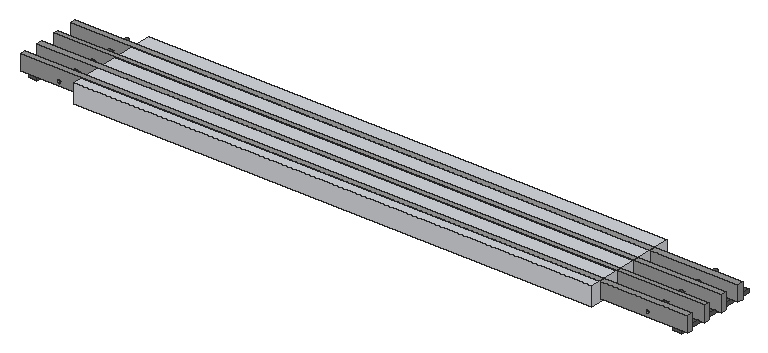
Revit family "1213-4, Veneer", category Generic Models, host Face, Revit 2020
Family settings
  Host = Face
  Can host rebar = No
  Round Connector Dimension = Use Diameter
  Part Type = Normal
  Cut with Voids When Loaded = No
  Shared = No
  Room Calculation Point = No
Parameters
  min_value [instance] = 1' - 11 1/4"  # constant formula
  max_value [instance] = 9' - 11 1/4"  # constant formula
  actual_value [instance] = if(NET LENGTH < min_value, min_value, if(NET LENGTH > max_value, max_value, NET LENGTH))  # 7' - 11 1/4"
  NET LENGTH [instance] = 7' - 11 1/4"
  IMPORTANT NOTE!!!                                                                             *Backer & dowel layout is for visualization purposes only, final layout to be determined by 9Wood. [instance] = ""
  Default Elevation = 4' - 0"
  DOWEL RADIUS [instance] = 0' - 0 1/4"  # constant formula
  BACKING M MATERIAL [instance] = BLACK-BACKERS
  .. MEMBER WIDTH [instance] = 0' - 0 3/4"  # constant formula
  .. MEMBER MATERIAL [instance] = Veneer Cherry
  .. MEMBER DEPTH [instance] = 0' - 2 1/4"  # constant formula
  .. MEMBER COUNT [instance] = 4  # constant formula
Reference planes (in)
  plane 1 "Center (Front/Back)": y = 0
  plane 2: z = 2.726
  plane 3 "Center (Left/Right)": x = 0
Forms (in)
  Extrusion 1, solid
    sketch origin (15, -0.86619, -0.99308) x (0, 1, 0) y (-1, 0, 0)
      loop
        line (3.42869, -23.66817) -> (3.42869, 50.25) -> (-10, 50.25) -> (-10, -23.66817) -> (3.42869, -23.66817)
    from 3.71908 to 1.00111
Dimensions and locks (in)
  aligned and locked: plane 2 to Extrusion 1
Nested families (in)
  nested 1: "1200 Series" at (-44, -2, 1.87867), NET LENGTH <- "actual_value", DOWEL RADII <- "DOWEL RADIUS", .. MEMBER WIDTH <- ".. MEMBER WIDTH", .. MEMBER DEPTH <- ".. MEMBER DEPTH", .. MEMBER MATERIAL <- ".. MEMBER MATERIAL", BACKING M MATERIAL <- "BACKING M MATERIAL", .. MEMBER COUNT <- ".. MEMBER COUNT", type "1200 Series"
    with X 7' - 4", WIDTH 1' - 0 1/16", Space 0' - 0 11/16", START 0' - 0 3/8", SCRIM MATERIAL SCRIM, SCRIM 3 8' - 1", SCRIM 2 0' - 0 7/8", SCRIM 1 0' - 0 3/32", SCRIM yes, NET LENGTH 7' - 11 1/4", N 8, INSET 3 0' - 0 3/16", INSET 0' - 1", INDEX 0' - 5 5/8", END BACKER yes, DOWEL RADII 0' - 0 1/4", DOWEL COUNT 8, BACKING M WIDTH 0' - 1 1/4", BACKING M MATERIAL BLACK-BACKERS, BACKING M LENGTH 0' - 11 7/8", BACKING M DEPTH 0' - 0 1/2", .. MEMBER WIDTH 0' - 0 3/4", .. MEMBER OC TYP 0' - 3", .. MEMBER MATERIAL Veneer Cherry, .. MEMBER DEPTH 0' - 2 1/4", .. MEMBER COUNT 4
Definition of nested family "1200 Series"
  Parameters (values of type "1200 Series")
    X [instance] = NET LENGTH - (0' 3 5/8" * 2)  # 6' - 2"
    WIDTH [instance] = 1' - 0 1/16"
    Space [instance] = 0' - 0 11/16"  # constant formula
    START [instance] = .. MEMBER WIDTH / 2  # 0' - 0 3/8"
    SCRIM MATERIAL [instance] = none
    SCRIM 3 [instance] = NET LENGTH + (SCRIM 2 * 2)  # 6' - 11"
    SCRIM 2 [instance] = 0' - 0 7/8"
    SCRIM 1 [instance] = 0' - 0 3/32"
    SCRIM [instance] = yes
    NET LENGTH [instance] = 6' - 9 1/4"
    N [instance] = if((X - (rounddown(X / 1' 0") * 1' 0")) > 1' 0", rounddown(X / 1' 0") + 2, rounddown(X / 1' 0") + 1)  # 7
    INSET 3 [instance] = 0' - 0 3/16"
    INSET [instance] = 0' - 1"
    INDEX [instance] = (NET LENGTH - ((N - 1) * 1' 0")) / 2  # 0' - 4 5/8"
    END BACKER [instance] = yes
    Default Elevation = 0' - 0"
    DOWEL RADII [instance] = 0' - 0 1/4"
    DOWEL COUNT [instance] = N  # 7
    BACKING M WIDTH [instance] = 0' - 1 1/4"
    BACKING M MATERIAL [instance] = none
    BACKING M LENGTH [instance] = 0' - 11 7/8"
    BACKING M DEPTH [instance] = 0' - 0 1/2"
    .. MEMBER WIDTH [instance] = 0' - 0 3/4"
    .. MEMBER OC TYP [instance] = 1' 0" / .. MEMBER COUNT  # 0' - 3"
    .. MEMBER MATERIAL [instance] = none
    .. MEMBER DEPTH [instance] = 0' - 1 3/8"
    .. MEMBER COUNT [instance] = 4
  Reference planes (in)
    plane 1 "Center (Front/Back)": y = -7.5
    plane 2: z = 0
    plane 3 "Center (Left/Right)": x = 0
    plane 4: x = 1
    plane 5: x = 4.625
    plane 6: x = 81.25
    plane 7: x = 80.25
    plane 8: x = 16.625
    plane 9: y = -7.3125
    plane 10: y = -4.125
    plane 11: y = -7.125
    plane 12: y = 4.5625
    plane 13: y = -4.5
    plane 14: y = -7.59375
    plane 15: x = 82.125
    plane 16: y = 4.65625
    plane 17: x = -0.875
    plane 18: z = -1.375
    plane 19: z = -0.6875
  Lines and regions (in)
    model lines
      curve 1: line (4.375, -7.5, -0.6875) -> (4.875, -7.5, -0.6875)
    model lines, not visible
      curve 2: line (4.625, -7.5, -0.9375) -> (4.625, -7.5, -0.4375)
      curve 3: line (4.375, -7.5, -0.6875) -> (4.875, -7.5, -0.6875)
      curve 4: line (16.625, -7.5, -0.9375) -> (16.625, -7.5, -0.4375)
      curve 5: line (16.375, -7.5, -0.6875) -> (16.875, -7.5, -0.6875)
      curve 6: line (28.625, -7.5, -0.9375) -> (28.625, -7.5, -0.4375)
      curve 7: line (28.375, -7.5, -0.6875) -> (28.875, -7.5, -0.6875)
      curve 8: line (40.625, -7.5, -0.9375) -> (40.625, -7.5, -0.4375)
      curve 9: line (40.375, -7.5, -0.6875) -> (40.875, -7.5, -0.6875)
      curve 10: line (52.625, -7.5, -0.9375) -> (52.625, -7.5, -0.4375)
      curve 11: line (52.375, -7.5, -0.6875) -> (52.875, -7.5, -0.6875)
      curve 12: line (64.625, -7.5, -0.9375) -> (64.625, -7.5, -0.4375)
      curve 13: line (64.375, -7.5, -0.6875) -> (64.875, -7.5, -0.6875)
      curve 14: line (76.625, -7.5, -0.9375) -> (76.625, -7.5, -0.4375)
      curve 15: line (76.375, -7.5, -0.6875) -> (76.875, -7.5, -0.6875)
  Dimensions and locks (in)
    "NET LENGTH": plane 3 "Center (Left/Right)" to plane 6
    "INSET": plane 7 to plane 6
    "INDEX": plane 3 "Center (Left/Right)" to plane 5
    plane 5 to plane 8 = 1' - 0"
    "INSET 3": plane 1 "Center (Front/Back)" to plane 9
    equal spacing: group 1, group 2, group 3, group 4  (x3)
    "START": plane 11 to plane 1 "Center (Front/Back)"
    ".. MEMBER OC TYP": plane 10 to plane 11
    "WIDTH": plane 12 to plane 1 "Center (Front/Back)"
    "START": plane 10 to plane 13
    "SCRIM 1": plane 14 to plane 1 "Center (Front/Back)"
    "SCRIM 2": plane 6 to plane 15
    "SCRIM 1": plane 12 to plane 16
    "SCRIM 2": plane 17 to plane 3 "Center (Left/Right)"
    "INSET": plane 3 "Center (Left/Right)" to plane 4
    equal spacing: group 5, group 6, group 7, group 8, group 9, group 10, group 11  (x3)
    "Space": plane 19 to plane 18
    aligned and locked: level to plane 2
    aligned and locked: nested 1 to plane 4  (x2)
    aligned and locked: plane 7 to nested 2
    aligned and locked: plane 5 to nested 3
    aligned and locked: nested 1 to plane 9
    aligned and locked: plane 1 "Center (Front/Back)" to nested 4
    aligned and locked: plane 9 to nested 2
    aligned and locked: plane 13 to nested 5
    aligned and locked: nested 3 to plane 9
    aligned and locked: plane 18 to nested 1
    aligned and locked: plane 19 to nested 3
    aligned and locked: curve 1 to plane 19
    aligned and locked: plane 8 to curve 4
    aligned and locked: curve 5 to plane 19
    aligned and locked: nested 4 to plane 18
  Automatic sketch dimensions
    curve 1 to curve 1 = 0' - 0 1/2"
    curve 1 to plane 5 = 0' - 0 1/4"
    plane 5 to curve 1 = 0' - 0 1/4"
    curve 3 to curve 2 = 0' - 0 1/4"  (x2)
    curve 2 to curve 3 = 0' - 0 1/4"  (x2)
    curve 5 to curve 4 = 0' - 0 1/4"  (x2)
    curve 4 to curve 5 = 0' - 0 1/4"  (x2)
    curve 7 to curve 6 = 0' - 0 1/4"  (x2)
    curve 6 to curve 7 = 0' - 0 1/4"  (x2)
    curve 9 to curve 8 = 0' - 0 1/4"  (x2)
    curve 8 to curve 9 = 0' - 0 1/4"  (x2)
    curve 11 to curve 10 = 0' - 0 1/4"  (x2)
    curve 10 to curve 11 = 0' - 0 1/4"  (x2)
    curve 13 to curve 12 = 0' - 0 1/4"  (x2)
    curve 12 to curve 13 = 0' - 0 1/4"  (x2)
    curve 15 to curve 14 = 0' - 0 1/4"  (x2)
    curve 14 to curve 15 = 0' - 0 1/4"  (x2)
  Nested families (in)
    nested 1: "INSTANCE - 2ND -  EXTEND SIDE H CENTER W - Parametric Cube" at (1, -1.375, -1.375) x (0, -1, 0) z (0, 0, 1), Width <- "BACKING M LENGTH", Length <- "BACKING M WIDTH", Material <- "BACKING M MATERIAL", Height <- "BACKING M DEPTH", visible <- "END BACKER", type "INSTANCE - 2ND -  EXTEND SIDE H CENTER W - Parametric Cube"
      with Width 0' - 11 7/8", Material none, Length 0' - 1 1/4", Height 0' - 0 1/2"
    nested 2: "INSTANCE - 2ND -  EXTEND SIDE H CENTER W - Parametric Cube" at (80.25, -1.375, -1.375) x (0, -1, 0) z (0, 0, 1), Width <- "BACKING M LENGTH", Length <- "BACKING M WIDTH", Material <- "BACKING M MATERIAL", Height <- "BACKING M DEPTH", visible <- "END BACKER", type "INSTANCE - 2ND -  EXTEND SIDE H CENTER W - Parametric Cube"
      with Width 0' - 11 7/8", Material none, Length 0' - 1 1/4", Height 0' - 0 1/2"
    nested 3: "Family3" at (-5.375, -7.3125, -0.6875), DOWEL RADII <- "DOWEL RADII", BACKING MEM MATERIAL <- "BACKING M MATERIAL", type "Family3"
      with DOWEL RADII 0' - 0 1/4", DOWEL LENGTH 0' - 11 7/8", BACKING MEM MATERIAL none
    nested 4: "HOLED MEMBER" at (0, -18.75, 6.19404), DOWEL RADII <- "DOWEL RADII", .. MEMBER LENGTH <- "NET LENGTH", DOWEL COUNT <- "DOWEL COUNT", DEPTH <- ".. MEMBER DEPTH", .. MEMBER WIDTH <- ".. MEMBER WIDTH", Material <- ".. MEMBER MATERIAL", DOWEL INDEX <- "INDEX", Space 2 <- "Space", type "HOLED MEMBER"
      with Width 0' - 6", Space 2 0' - 0 11/16", Material none, Length 1' - 0", Height 0' - 10.43096", DOWEL RADII 0' - 0 1/4", DOWEL OC DIST 1' - 0", DOWEL INDEX 0' - 4 5/8", DOWEL COUNT 7, DEPTH 0' - 1 3/8", .. MEMBER WIDTH 0' - 0 3/4", .. MEMBER LENGTH 6' - 9 1/4"
    nested 5: "HOLED MEMBER" at (0, -15.75, 6.19404), DOWEL RADII <- "DOWEL RADII", .. MEMBER LENGTH <- "NET LENGTH", DOWEL COUNT <- "DOWEL COUNT", DEPTH <- ".. MEMBER DEPTH", .. MEMBER WIDTH <- ".. MEMBER WIDTH", Material <- ".. MEMBER MATERIAL", DOWEL INDEX <- "INDEX", Space 2 <- "Space", type "HOLED MEMBER"
      with Width 0' - 6", Space 2 0' - 0 11/16", Material none, Length 1' - 0", Height 0' - 10.43096", DOWEL RADII 0' - 0 1/4", DOWEL OC DIST 1' - 0", DOWEL INDEX 0' - 4 5/8", DOWEL COUNT 7, DEPTH 0' - 1 3/8", .. MEMBER WIDTH 0' - 0 3/4", .. MEMBER LENGTH 6' - 9 1/4"
    nested 6: "HOLED MEMBER" at (0, -12.75, 6.19404), DOWEL RADII <- "DOWEL RADII", .. MEMBER LENGTH <- "NET LENGTH", DOWEL COUNT <- "DOWEL COUNT", DEPTH <- ".. MEMBER DEPTH", .. MEMBER WIDTH <- ".. MEMBER WIDTH", Material <- ".. MEMBER MATERIAL", DOWEL INDEX <- "INDEX", Space 2 <- "Space", type "HOLED MEMBER"
      with Width 0' - 6", Space 2 0' - 0 11/16", Material none, Length 1' - 0", Height 0' - 10.43096", DOWEL RADII 0' - 0 1/4", DOWEL OC DIST 1' - 0", DOWEL INDEX 0' - 4 5/8", DOWEL COUNT 7, DEPTH 0' - 1 3/8", .. MEMBER WIDTH 0' - 0 3/4", .. MEMBER LENGTH 6' - 9 1/4"
    nested 7: "HOLED MEMBER" at (0, -9.75, 6.19404), DOWEL RADII <- "DOWEL RADII", .. MEMBER LENGTH <- "NET LENGTH", DOWEL COUNT <- "DOWEL COUNT", DEPTH <- ".. MEMBER DEPTH", .. MEMBER WIDTH <- ".. MEMBER WIDTH", Material <- ".. MEMBER MATERIAL", DOWEL INDEX <- "INDEX", Space 2 <- "Space", type "HOLED MEMBER"
      with Width 0' - 6", Space 2 0' - 0 11/16", Material none, Length 1' - 0", Height 0' - 10.43096", DOWEL RADII 0' - 0 1/4", DOWEL OC DIST 1' - 0", DOWEL INDEX 0' - 4 5/8", DOWEL COUNT 7, DEPTH 0' - 1 3/8", .. MEMBER WIDTH 0' - 0 3/4", .. MEMBER LENGTH 6' - 9 1/4"
    nested 8: "Family3" at (6.625, -7.3125, -0.6875), DOWEL RADII <- "DOWEL RADII", BACKING MEM MATERIAL <- "BACKING M MATERIAL", type "Family3"
      with DOWEL RADII 0' - 0 1/4", DOWEL LENGTH 0' - 11 7/8", BACKING MEM MATERIAL none
    nested 9: "Family3" at (18.625, -7.3125, -0.6875), DOWEL RADII <- "DOWEL RADII", BACKING MEM MATERIAL <- "BACKING M MATERIAL", type "Family3"
      with DOWEL RADII 0' - 0 1/4", DOWEL LENGTH 0' - 11 7/8", BACKING MEM MATERIAL none
    nested 10: "Family3" at (30.625, -7.3125, -0.6875), DOWEL RADII <- "DOWEL RADII", BACKING MEM MATERIAL <- "BACKING M MATERIAL", type "Family3"
      with DOWEL RADII 0' - 0 1/4", DOWEL LENGTH 0' - 11 7/8", BACKING MEM MATERIAL none
    nested 11: "Family3" at (42.625, -7.3125, -0.6875), DOWEL RADII <- "DOWEL RADII", BACKING MEM MATERIAL <- "BACKING M MATERIAL", type "Family3"
      with DOWEL RADII 0' - 0 1/4", DOWEL LENGTH 0' - 11 7/8", BACKING MEM MATERIAL none
    nested 12: "Family3" at (54.625, -7.3125, -0.6875), DOWEL RADII <- "DOWEL RADII", BACKING MEM MATERIAL <- "BACKING M MATERIAL", type "Family3"
      with DOWEL RADII 0' - 0 1/4", DOWEL LENGTH 0' - 11 7/8", BACKING MEM MATERIAL none
    nested 13: "Family3" at (66.625, -7.3125, -0.6875), DOWEL RADII <- "DOWEL RADII", BACKING MEM MATERIAL <- "BACKING M MATERIAL", type "Family3"
      with DOWEL RADII 0' - 0 1/4", DOWEL LENGTH 0' - 11 7/8", BACKING MEM MATERIAL none
  Definition of nested family "INSTANCE - 2ND -  EXTEND SIDE H CENTER W - Parametric Cube"
    Parameters (values of type "INSTANCE - 2ND -  EXTEND SIDE H CENTER W - Parametric Cube")
      Width [instance] = 0' - 6"
      Material [instance] = none
      Length [instance] = 1' - 0"
      Height [instance] = 1' - 6"
      Default Elevation = 0' - 0"
    Reference planes (in)
      plane 1 "Center (Front/Back)": y = 0
      plane 2: z = 0
      plane 3 "Center (Left/Right)": x = 0
      plane 4: x = -3
      plane 5: x = 3
      plane 6: y = 12
      plane 7: z = -18
    Forms (in)
      Extrusion 1, solid, material <- "Material"
        sketch origin (0, 6, 0) x (1, 0, 0) y (0, 1, 0)
          loop
            line (-3, 6) -> (-3, -6) -> (3, -6) -> (3, 6) -> (-3, 6)
        from -18 to 0
    Dimensions and locks (in)
      equal spacing: plane 4, plane 3 "Center (Left/Right)", plane 5
      "Width": plane 4 to plane 5
      "Height": plane 7 to level
      "Length": plane 1 "Center (Front/Back)" to plane 6
      aligned and locked: plane 2 to level
      aligned and locked: plane 4 to Extrusion 1 sketch curve
      aligned and locked: Extrusion 1 sketch curve to plane 5
      aligned and locked: Extrusion 1 to plane 7
      aligned and locked: plane 6 to Extrusion 1
    Automatic sketch dimensions
      plane 1 "Center (Front/Back)" to Extrusion 1 sketch curve = 0' - 0"
      plane 6 to Extrusion 1 sketch curve = 0' - 0"
  Definition of nested family "Family3"
    Parameters (values of type "Family3")
      Default Elevation = 0' - 0"
      DOWEL RADII [instance] = 0' - 0 5/8"
      DOWEL LENGTH [instance] = 0' - 5"
      BACKING MEM MATERIAL [instance] = none
    Reference planes (in)
      plane 1 "Center (Front/Back)": y = 0
      plane 2: z = 0
      plane 3 "Center (Left/Right)": x = 0
      plane 4: y = 5
    Forms (in)
      Extrusion 1, solid, material <- "BACKING MEM MATERIAL"
        sketch origin (10, 0, 0) x (1, 0, 0) y (0, 0, 1)
          loop
            circle (0, 0) r 0.625
        from 0 to -5
      Extrusion 2, solid, not visible
        sketch origin (0, 0, 0) x (1, 0, 0) y (0, 0, 1)
          loop
            circle (0, 0) r 0.625
        from 0 to 12
      Extrusion 3, solid, not visible
        sketch origin (10, 0, 0) x (1, 0, 0) y (0, 0, 1)
          loop
            circle (0, 0) r 0.625
        from 0 to 2.5
      Extrusion 4, solid, not visible
        sketch origin (10, 0, 0) x (1, 0, 0) y (0, 0, 1)
          loop
            circle (0, 0) r 0.625
        from 0 to -12
    Lines and regions (in)
      model lines, not visible
        curve 1: line (-13, 0, 0) -> (-13, -12, 0)
        curve 2: line (13, 0, 0) -> (13, -12, 0)
        curve 3: line (9.89453, 0, 0) -> (10.08794, 0, 0)
        curve 4: line (9.89453, -2.5, 0) -> (10.08794, -2.5, 0)
        curve 6: line (10, 0, 0) -> (10, 2, 0)
      model lines
        curve 5: line (10, 0, 0) -> (10, 2, 0)
    Dimensions and locks (in)
      "DOWEL LENGTH": plane 1 "Center (Front/Back)" to plane 4
      "DOWEL RADII": radius of Extrusion 1 sketch curve
      "DOWEL RADII": radius of Extrusion 2 sketch curve
      "DOWEL RADII": radius of Extrusion 3 sketch curve
      "DOWEL RADII": radius of Extrusion 4 sketch curve
      "DOWEL RADII": radius of Extrusion 1
      aligned and locked: plane 2 to level
      aligned and locked: Extrusion 1 to plane 1 "Center (Front/Back)"  (x3)
      aligned and locked: plane 1 "Center (Front/Back)" to Extrusion 1
      aligned and locked: plane 4 to Extrusion 1
    Automatic sketch dimensions
      plane 1 "Center (Front/Back)" to curve 5 = 0' - 0"
      curve 5 to plane 1 "Center (Front/Back)" = 0' - 2"
      plane 3 "Center (Left/Right)" to curve 5 = 0' - 10"
      Extrusion 1 sketch curve to level = 0' - 0"
      plane 3 "Center (Left/Right)" to Extrusion 1 sketch curve = 0' - 10"
  Definition of nested family "HOLED MEMBER"
    Parameters (values of type "HOLED MEMBER")
      Width [instance] = 0' - 6"
      Space 2 [instance] = 0' - 0 5/8"
      Space = 0' - 0 5/8"
      Material [instance] = none
      Length [instance] = 1' - 0"
      Height [instance] = 0' - 10.43096"
      Default Elevation = 0' - 0"
      DOWEL RADII [instance] = 0' - 0.34537"
      DOWEL OC DIST [instance] = 1' - 0"
      DOWEL INSET = 0' - 0 5/8"
      DOWEL INDEX [instance] = 0' - 5 5/8"
      DOWEL COUNT [instance] = 6
      DEPTH [instance] = 0' - 2"
      .. MEMBER WIDTH [instance] = 0' - 0 5/8"
      .. MEMBER LENGTH [instance] = 5' - 11 3/4"
    Reference planes (in)
      plane 1 "Center (Front/Back)": y = 12
      plane 2: z = -7.56904
      plane 3 "Center (Left/Right)": x = 0
      plane 4: x = 5.625
      plane 5: x = 17.625
      plane 6: y = 11.375
      plane 7: x = 71.75
      plane 8: z = -6.94404
      plane 9: z = -5.56904
    Forms (in)
      Extrusion 1, solid, material <- "Material"
        sketch origin (0, 12, -13.56904) x (1, 0, 0) y (0, 0, 1)
          loop
            line (0, 6) -> (71.75, 6) -> (71.75, 8) -> (0, 8) -> (0, 6)
        from 0.625 to 0
      Extrusion 2, void
        sketch origin (0, 12, -18.31904) x (1, 0, 0) y (0, 0, 1)
          loop
            circle (5.625, 11.375) r 0.34537
        from 0 to 12
      Extrusion 3, void, not visible
        sketch origin (0, 1.25, 0) x (1, 0, 0) y (0, 1, 0)
          loop
            circle (5.625, 11.375) r 0.34537
        from 0 to 12
      Extrusion 4, void, not visible
        sketch origin (0, 1.25, 0) x (1, 0, 0) y (0, 1, 0)
          loop
            circle (5.625, 11.375) r 0.34537
        from 0 to 12
      Extrusion 5, void, not visible
        sketch origin (12, 1.25, 0) x (1, 0, 0) y (0, 1, 0)
          loop
            circle (5.625, 11.375) r 0.34537
        from 0 to 12
      Extrusion 6, void, not visible
        sketch origin (0, 12, -16.31904) x (1, 0, 0) y (0, 0, 1)
          loop
            circle (5.625, 11.375) r 0.34537
        from 0 to 12
      Extrusion 7, void, not visible
        sketch origin (12, 12, -16.31904) x (1, 0, 0) y (0, 0, 1)
          loop
            circle (5.625, 11.375) r 0.34537
        from 0 to 12
      Extrusion 8, void, not visible
        sketch origin (0, 12, -18.31904) x (1, 0, 0) y (0, 0, 1)
          loop
            circle (5.625, 11.375) r 0.34537
        from 0 to 12
      Extrusion 9, void
        sketch origin (12, 12, -18.31904) x (1, 0, 0) y (0, 0, 1)
          loop
            circle (5.625, 11.375) r 0.34537
        from 0 to 12
      Extrusion 10, void, not visible
        sketch origin (24, 12, -16.31904) x (1, 0, 0) y (0, 0, 1)
          loop
            circle (5.625, 11.375) r 0.34537
        from 0 to 12
      Extrusion 11, void, not visible
        sketch origin (36, 12, -16.31904) x (1, 0, 0) y (0, 0, 1)
          loop
            circle (5.625, 11.375) r 0.34537
        from 0 to 12
      Extrusion 12, void, not visible
        sketch origin (48, 12, -16.31904) x (1, 0, 0) y (0, 0, 1)
          loop
            circle (5.625, 11.375) r 0.34537
        from 0 to 12
      Extrusion 13, void, not visible
        sketch origin (60, 12, -16.31904) x (1, 0, 0) y (0, 0, 1)
          loop
            circle (5.625, 11.375) r 0.34537
        from 0 to 12
      Extrusion 14, void, not visible
        sketch origin (24, 1.25, 0) x (1, 0, 0) y (0, 1, 0)
          loop
            circle (5.625, 11.375) r 0.34537
        from 0 to 12
      Extrusion 15, void, not visible
        sketch origin (36, 1.25, 0) x (1, 0, 0) y (0, 1, 0)
          loop
            circle (5.625, 11.375) r 0.34537
        from 0 to 12
      Extrusion 16, void, not visible
        sketch origin (48, 1.25, 0) x (1, 0, 0) y (0, 1, 0)
          loop
            circle (5.625, 11.375) r 0.34537
        from 0 to 12
      Extrusion 17, void, not visible
        sketch origin (60, 1.25, 0) x (1, 0, 0) y (0, 1, 0)
          loop
            circle (5.625, 11.375) r 0.34537
        from 0 to 12
      Extrusion 18, void
        sketch origin (24, 12, -18.31904) x (1, 0, 0) y (0, 0, 1)
          loop
            circle (5.625, 11.375) r 0.34537
        from 0 to 12
      Extrusion 19, void
        sketch origin (36, 12, -18.31904) x (1, 0, 0) y (0, 0, 1)
          loop
            circle (5.625, 11.375) r 0.34537
        from 0 to 12
      Extrusion 20, void
        sketch origin (48, 12, -18.31904) x (1, 0, 0) y (0, 0, 1)
          loop
            circle (5.625, 11.375) r 0.34537
        from 0 to 12
      Extrusion 21, void
        sketch origin (60, 12, -18.31904) x (1, 0, 0) y (0, 0, 1)
          loop
            circle (5.625, 11.375) r 0.34537
        from 0 to 12
    Cuts and joins
      Extrusion 2, Extrusion 9, Extrusion 18, Extrusion 19, Extrusion 20, Extrusion 21 cuts Extrusion 1
    Lines and regions (in)
      model lines, not visible
        curve 1: line (5.625, 11.72037, 0) -> (5.625, 11.02963, 0)
        curve 2: line (5.625, 11.72037, 0) -> (5.625, 11.02963, 0)
        curve 3: line (17.625, 11.72037, 0) -> (17.625, 11.02963, 0)
        curve 4: line (5.625, 12, -7.56904) -> (5.625, 11.87317, -7.56904)
        curve 5: line (5.625, 11.87317, -7.56904) -> (5.06195, 11.87317, -7.56904)
        curve 6: line (5.06195, 11.87317, -7.56904) -> (5.27963, 11.375, -7.56904)
        curve 7: line (0, 12, -6.19404) -> (0, 11.61951, -6.19404)
        curve 8: line (0, 11.375, -8.19404) -> (0, 11.6747, -8.19404)
        curve 9: line (5.625, 12, -7.56904) -> (5.625, 11.69863, -7.56904)
        curve 11: line (5.625, 12, 0) -> (5.625, 12, 0.30137)
        curve 12: line (5.625, 12, 0) -> (5.625, 12, 0.30137)
        curve 13: line (17.625, 12, 0) -> (17.625, 12, 0.30137)
        curve 14: line (5.625, 12, -5.56904) -> (5.625, 11.69863, -5.56904)
        curve 15: line (17.625, 12, -5.56904) -> (17.625, 11.69863, -5.56904)
        curve 16: line (5.625, 12, -7.56904) -> (5.625, 11.69863, -7.56904)
        curve 18: line (29.625, 12, -5.56904) -> (29.625, 11.69863, -5.56904)
        curve 19: line (41.625, 12, -5.56904) -> (41.625, 11.69863, -5.56904)
        curve 20: line (53.625, 12, -5.56904) -> (53.625, 11.69863, -5.56904)
        curve 21: line (65.625, 12, -5.56904) -> (65.625, 11.69863, -5.56904)
        curve 22: line (29.625, 11.72037, 0) -> (29.625, 11.02963, 0)
        curve 23: line (29.625, 12, 0) -> (29.625, 12, 0.30137)
        curve 24: line (41.625, 11.72037, 0) -> (41.625, 11.02963, 0)
        curve 25: line (41.625, 12, 0) -> (41.625, 12, 0.30137)
        curve 26: line (53.625, 11.72037, 0) -> (53.625, 11.02963, 0)
        curve 27: line (53.625, 12, 0) -> (53.625, 12, 0.30137)
        curve 28: line (65.625, 11.72037, 0) -> (65.625, 11.02963, 0)
        curve 29: line (65.625, 12, 0) -> (65.625, 12, 0.30137)
        curve 35: line (5.27963, 12.625, 0) -> (5.97037, 12.625, 0)
        curve 36: line (5.27963, 12.625, 0) -> (5.97037, 12.625, 0)
        curve 37: line (17.27963, 12.625, 0) -> (17.97037, 12.625, 0)
        curve 38: line (5.27963, 12, -4.94404) -> (5.97037, 12, -4.94404)
        curve 39: line (17.27963, 12, -4.94404) -> (17.97037, 12, -4.94404)
        curve 40: line (5.27963, 12, -6.94404) -> (5.97037, 12, -6.94404)
        curve 42: line (29.27963, 12, -4.94404) -> (29.97037, 12, -4.94404)
        curve 43: line (41.27963, 12, -4.94404) -> (41.97037, 12, -4.94404)
        curve 44: line (53.27963, 12, -4.94404) -> (53.97037, 12, -4.94404)
        curve 45: line (65.27963, 12, -4.94404) -> (65.97037, 12, -4.94404)
        curve 46: line (29.27963, 12.625, 0) -> (29.97037, 12.625, 0)
        curve 47: line (41.27963, 12.625, 0) -> (41.97037, 12.625, 0)
        curve 48: line (53.27963, 12.625, 0) -> (53.97037, 12.625, 0)
        curve 49: line (65.27963, 12.625, 0) -> (65.97037, 12.625, 0)
        curve 54: line (0, 12, -6.94404) -> (0, 4.22059, -6.94404)
        curve 55: line (0, 12.625, 0) -> (0, 12.625, 7.77941)
        curve 56: line (0, 12.625, 0) -> (0, 12.625, 7.77941)
        curve 57: line (12, 12.625, 0) -> (12, 12.625, 7.77941)
        curve 58: line (0, 12, -4.94404) -> (0, 4.22059, -4.94404)
        curve 59: line (12, 12, -4.94404) -> (12, 4.22059, -4.94404)
        curve 60: line (0, 12, -6.94404) -> (0, 4.22059, -6.94404)
        curve 61: line (12, 12, -6.94404) -> (12, 4.22059, -6.94404)
        curve 62: line (24, 12, -4.94404) -> (24, 4.22059, -4.94404)
        curve 63: line (36, 12, -4.94404) -> (36, 4.22059, -4.94404)
        curve 64: line (48, 12, -4.94404) -> (48, 4.22059, -4.94404)
        curve 65: line (60, 12, -4.94404) -> (60, 4.22059, -4.94404)
        curve 66: line (24, 12.625, 0) -> (24, 12.625, 7.77941)
        curve 67: line (36, 12.625, 0) -> (36, 12.625, 7.77941)
        curve 68: line (48, 12.625, 0) -> (48, 12.625, 7.77941)
        curve 69: line (60, 12.625, 0) -> (60, 12.625, 7.77941)
        curve 70: line (24, 12, -6.94404) -> (24, 4.22059, -6.94404)
        curve 71: line (36, 12, -6.94404) -> (36, 4.22059, -6.94404)
        curve 72: line (48, 12, -6.94404) -> (48, 4.22059, -6.94404)
        curve 73: line (60, 12, -6.94404) -> (60, 4.22059, -6.94404)
      model lines
        curve 10: line (5.625, 12, -7.56904) -> (5.625, 11.69863, -7.56904)
        curve 17: line (17.625, 12, -7.56904) -> (17.625, 11.69863, -7.56904)
        curve 30: line (29.625, 12, -7.56904) -> (29.625, 11.69863, -7.56904)
        curve 31: line (41.625, 12, -7.56904) -> (41.625, 11.69863, -7.56904)
        curve 32: line (53.625, 12, -7.56904) -> (53.625, 11.69863, -7.56904)
        curve 33: line (65.625, 12, -7.56904) -> (65.625, 11.69863, -7.56904)
        curve 34: line (5.27963, 12, -6.94404) -> (5.97037, 12, -6.94404)
        curve 41: line (17.27963, 12, -6.94404) -> (17.97037, 12, -6.94404)
        curve 50: line (29.27963, 12, -6.94404) -> (29.97037, 12, -6.94404)
        curve 51: line (41.27963, 12, -6.94404) -> (41.97037, 12, -6.94404)
        curve 52: line (53.27963, 12, -6.94404) -> (53.97037, 12, -6.94404)
        curve 53: line (65.27963, 12, -6.94404) -> (65.97037, 12, -6.94404)
    Dimensions and locks (in)
      "DOWEL INDEX": plane 3 "Center (Left/Right)" to plane 4
      "DOWEL OC DIST": plane 4 to plane 5
      ".. MEMBER LENGTH": plane 3 "Center (Left/Right)" to plane 7
      equal spacing: group 3, group 4, group 17, group 18, group 19, group 20  (x3)
      equal spacing: group 7, group 8, group 13, group 14, group 15, group 16  (x3)
      equal spacing: group 1, group 12, group 21, group 22, group 23, group 24  (x3)
      ".. MEMBER WIDTH": plane 6 to plane 1 "Center (Front/Back)"
      "DEPTH": plane 9 to level
      "Space 2": plane 8 to level
      "DOWEL RADII": radius of Extrusion 2 sketch curve
      "DOWEL RADII": radius of Extrusion 3 sketch curve
      "DOWEL RADII": radius of Extrusion 4 sketch curve
      "DOWEL RADII": radius of Extrusion 5 sketch curve
      "DOWEL RADII": radius of Extrusion 6 sketch curve
      "DOWEL RADII": radius of Extrusion 7 sketch curve
      "DOWEL RADII": radius of Extrusion 8 sketch curve
      "DOWEL RADII": radius of Extrusion 9 sketch curve
      "DOWEL RADII": radius of Extrusion 10 sketch curve
      "DOWEL RADII": radius of Extrusion 11 sketch curve
      "DOWEL RADII": radius of Extrusion 12 sketch curve
      "DOWEL RADII": radius of Extrusion 13 sketch curve
      "DOWEL RADII": radius of Extrusion 14 sketch curve
      "DOWEL RADII": radius of Extrusion 15 sketch curve
      "DOWEL RADII": radius of Extrusion 16 sketch curve
      "DOWEL RADII": radius of Extrusion 17 sketch curve
      "DOWEL RADII": radius of Extrusion 18 sketch curve
      "DOWEL RADII": radius of Extrusion 19 sketch curve
      "DOWEL RADII": radius of Extrusion 20 sketch curve
      "DOWEL RADII": radius of Extrusion 21 sketch curve
      aligned and locked: level to plane 2
      aligned and locked: Extrusion 1 to plane 3 "Center (Left/Right)"  (x2)
      aligned and locked: plane 7 to cut or joined group of Extrusion 1, Extrusion 2, Extrusion 9, Extrusion 18, Extrusion 19, Extrusion 20, Extrusion 21  (x2)
      aligned and locked: cut or joined group of Extrusion 1, Extrusion 2, Extrusion 9, Extrusion 18, Extrusion 19, Extrusion 20, Extrusion 21 to plane 1 "Center (Front/Back)"  (x2)
      aligned and locked: cut or joined group of Extrusion 1, Extrusion 2, Extrusion 9, Extrusion 18, Extrusion 19, Extrusion 20, Extrusion 21 to plane 6  (x2)
      aligned and locked: plane 4 to curve 10
      aligned and locked: plane 5 to curve 17
      aligned and locked: plane 9 to cut or joined group of Extrusion 1, Extrusion 2, Extrusion 9, Extrusion 18, Extrusion 19, Extrusion 20, Extrusion 21  (x2)
      aligned and locked: cut or joined group of Extrusion 1, Extrusion 2, Extrusion 9, Extrusion 18, Extrusion 19, Extrusion 20, Extrusion 21 to level
      aligned and locked: plane 8 to Extrusion 2
      aligned and locked: curve 34 to plane 8
      aligned and locked: curve 41 to plane 8
      aligned and locked: level to curve 10
      aligned and locked: curve 10 to level
      aligned and locked: plane 8 to cut or joined group of Extrusion 1, Extrusion 2, Extrusion 9, Extrusion 18, Extrusion 19, Extrusion 20, Extrusion 21
      aligned and locked: curve 54 to plane 8
    Automatic sketch dimensions
      curve 1 to curve 1 = 0' - 0.69074"
      curve 2 to curve 2 = 0' - 0.69074"
      curve 3 to curve 3 = 0' - 0.69074"
      Extrusion 1 sketch curve to plane 3 "Center (Left/Right)" = 0' - 0"
      Extrusion 1 sketch curve to plane 7 = 0' - 0"
      Extrusion 1 sketch curve to Extrusion 1 sketch curve = 0' - 2"
      level to Extrusion 1 sketch curve = 0' - 0"
      curve 9 to curve 9 = 0' - 0.30137"
      curve 10 to curve 10 = 0' - 0.30137"
      curve 11 to curve 11 = 0' - 0.30137"
      curve 12 to curve 12 = 0' - 0.30137"
      curve 13 to curve 13 = 0' - 0.30137"
      curve 14 to curve 14 = 0' - 0.30137"
      curve 15 to curve 15 = 0' - 0.30137"
      curve 16 to curve 16 = 0' - 0.30137"
      curve 17 to curve 17 = 0' - 0.30137"
      curve 18 to curve 18 = 0' - 0.30137"
      curve 19 to curve 19 = 0' - 0.30137"
      curve 20 to curve 20 = 0' - 0.30137"
      curve 21 to curve 21 = 0' - 0.30137"
      curve 22 to curve 22 = 0' - 0.69074"
      curve 23 to curve 23 = 0' - 0.30137"
      curve 24 to curve 24 = 0' - 0.69074"
      curve 25 to curve 25 = 0' - 0.30137"
      curve 26 to curve 26 = 0' - 0.69074"
      curve 27 to curve 27 = 0' - 0.30137"
      curve 28 to curve 28 = 0' - 0.69074"
      curve 29 to curve 29 = 0' - 0.30137"
      curve 30 to curve 30 = 0' - 0.30137"
      curve 31 to curve 31 = 0' - 0.30137"
      curve 32 to curve 32 = 0' - 0.30137"
      curve 33 to curve 33 = 0' - 0.30137"
      curve 34 to curve 34 = 0' - 0.69074"
      curve 35 to curve 35 = 0' - 0.69074"
      curve 36 to curve 36 = 0' - 0.69074"
      curve 37 to curve 37 = 0' - 0.69074"
      curve 38 to curve 38 = 0' - 0.69074"
      curve 39 to curve 39 = 0' - 0.69074"
      curve 40 to curve 40 = 0' - 0.69074"
      curve 41 to curve 41 = 0' - 0.69074"
      curve 42 to curve 42 = 0' - 0.69074"
      curve 43 to curve 43 = 0' - 0.69074"
      curve 44 to curve 44 = 0' - 0.69074"
      curve 45 to curve 45 = 0' - 0.69074"
      curve 46 to curve 46 = 0' - 0.69074"
      curve 47 to curve 47 = 0' - 0.69074"
      curve 48 to curve 48 = 0' - 0.69074"
      curve 49 to curve 49 = 0' - 0.69074"
      curve 50 to curve 50 = 0' - 0.69074"
      curve 51 to curve 51 = 0' - 0.69074"
      curve 52 to curve 52 = 0' - 0.69074"
      curve 53 to curve 53 = 0' - 0.69074"
      curve 54 to curve 54 = 0' - 7.77941"
      curve 55 to curve 55 = 0' - 7.77941"
      curve 56 to curve 56 = 0' - 7.77941"
      curve 57 to curve 57 = 0' - 7.77941"
      curve 58 to curve 58 = 0' - 7.77941"
      curve 59 to curve 59 = 0' - 7.77941"
      curve 60 to curve 60 = 0' - 7.77941"
      curve 61 to curve 61 = 0' - 7.77941"
      curve 62 to curve 62 = 0' - 7.77941"
      curve 63 to curve 63 = 0' - 7.77941"
      curve 64 to curve 64 = 0' - 7.77941"
      curve 65 to curve 65 = 0' - 7.77941"
      curve 66 to curve 66 = 0' - 7.77941"
      curve 67 to curve 67 = 0' - 7.77941"
      curve 68 to curve 68 = 0' - 7.77941"
      curve 69 to curve 69 = 0' - 7.77941"
      curve 70 to curve 70 = 0' - 7.77941"
      curve 71 to curve 71 = 0' - 7.77941"
      curve 72 to curve 72 = 0' - 7.77941"
      curve 73 to curve 73 = 0' - 7.77941"
